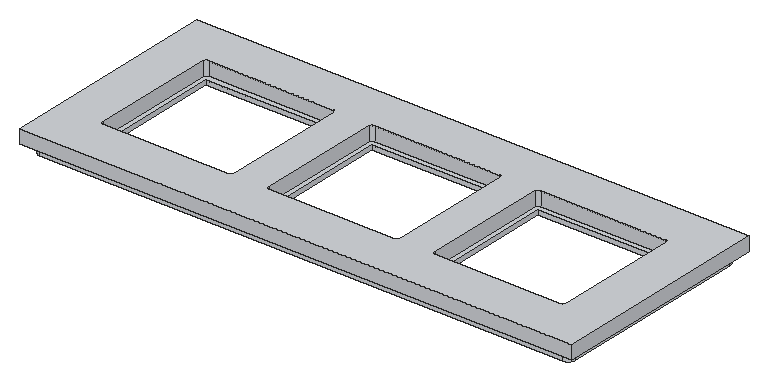
Revit family "Gira_021312", category Electrical Fixtures, host Face, Revit 2017
Family settings
  Host = Face
  Maintain Annotation Orientation = No
  Round Connector Dimension = Use Diameter
  Part Type = Normal
  Cut with Voids When Loaded = No
  Shared = No
  Room Calculation Point = No
Parameters (values of type "Abdeckrahmen 3f Gira Esprit G Weiß")
  Werkstoffgüte = "Echtglas"
  Werkstoff = "Glas"
  URL = "http://katalog.gira.de/de_DE/datenblatt.html?artikelnr=021312"
  Transparent = "No"
  Textfeld/Beschriftungsfläche = "No"
  Schutzart (IP) = "IP20"
  Region = "DE"
  Oberfläche = "sonstige"
  Name = "Abdeckrahmen 3f Gira Esprit G Weiß"
  Montagerichtung = "horizontal und vertikal"
  Mit Montagerahmen = "No"
  Mit Klappdeckel = "No"
  Manufacturer URL = "https://www.gira.de/"
  Keynote = "Espr._Rahmen_3fach"
  HeinzeBIM = "https://bimportal.heinze.de/bim/abdeckrahmen-3f-gira-esprit-g-weiss/92f3a74d291064cfb2ca2165d5a69091c97a4bdd"
  Halogenfrei = "No"
  HAN = "021312"
  Geeignet für Unterputz-Installation = "Yes"
  Geeignet für Unterflurkanaldose = "No"
  Geeignet für Geräteeinbaukanal = "No"
  Geeignet für Einbauinstallation = "No"
  GTIN = "4010337213123"
  Farbe = "weiß"
  Default Elevation = 1219.2 mm
  Data sheet (1) = "https://katalog.gira.de/de_DE/download.html?artikelnr=021312"
  Category = "Abdeckrahmen"
  Befestigungsart = "Klemmbefestigung"
  Available = "Yes"
  Anzahl der Einheiten vertikal = "3 "
  Anzahl der Einheiten horizontal = "3 "
  Anzahl der Einheiten = "3 "
Reference planes
  plane 1 "Center (Front/Back)": y = 0
  plane 2: z = 0
  plane 3 "Center (Left/Right)": x = 0
Forms (mm)
  Extrusion 1, solid, detail levels fine
    sketch origin (0, 0, 0) x (1, 0, 0) y (0, 1, 0)
      loop
        line (-118.4, 47.5) -> (-118.4, -47.5) -> (118.4, -47.5) -> (118.4, 47.5) -> (-118.4, 47.5)
      loop
        arc (-99.5, -26.7) -> (-99.061, -27.761) -> (-98, -28.2) r 1.5
        line (-98, -28.2) -> (-44.6, -28.2)
        arc (-44.6, -28.2) -> (-43.539, -27.761) -> (-43.1, -26.7) r 1.5
        line (-43.1, -26.7) -> (-43.1, 26.7)
        arc (-43.1, 26.7) -> (-43.539, 27.761) -> (-44.6, 28.2) r 1.5
        line (-44.6, 28.2) -> (-98, 28.2)
        arc (-98, 28.2) -> (-99.061, 27.761) -> (-99.5, 26.7) r 1.5
        line (-99.5, 26.7) -> (-99.5, -26.7)
      loop
        arc (-28.2, -26.7) -> (-27.761, -27.761) -> (-26.7, -28.2) r 1.5
        line (-26.7, -28.2) -> (26.7, -28.2)
        arc (26.7, -28.2) -> (27.761, -27.761) -> (28.2, -26.7) r 1.5
        line (28.2, -26.7) -> (28.2, 26.7)
        arc (28.2, 26.7) -> (27.761, 27.761) -> (26.7, 28.2) r 1.5
        line (26.7, 28.2) -> (-26.7, 28.2)
        arc (-26.7, 28.2) -> (-27.761, 27.761) -> (-28.2, 26.7) r 1.5
        line (-28.2, 26.7) -> (-28.2, -26.7)
      loop
        arc (43.1, -26.7) -> (43.539, -27.761) -> (44.6, -28.2) r 1.5
        line (44.6, -28.2) -> (98, -28.2)
        arc (98, -28.2) -> (99.061, -27.761) -> (99.5, -26.7) r 1.5
        line (99.5, -26.7) -> (99.5, 26.7)
        arc (99.5, 26.7) -> (99.061, 27.761) -> (98, 28.2) r 1.5
        line (98, 28.2) -> (44.6, 28.2)
        arc (44.6, 28.2) -> (43.539, 27.761) -> (43.1, 26.7) r 1.5
        line (43.1, 26.7) -> (43.1, -26.7)
    from 0 to 6
  Extrusion 2, solid, detail levels fine
    sketch origin (0, 0, 0) x (1, 0, 0) y (0, 1, 0)
      loop
        line (-97.2, -25.7) -> (-45.4, -25.7) -> (-45.4, 25.7) -> (-97.2, 25.7) -> (-97.2, -25.7)
      loop
        line (97.2, 25.7) -> (45.4, 25.7) -> (45.4, -25.7) -> (97.2, -25.7) -> (97.2, 25.7)
      loop
        arc (-114.002, -41.3) -> (-113.474, -42.573) -> (-112.202, -43.1) r 1.8
        line (-112.202, -43.1) -> (112.202, -43.1)
        arc (112.202, -43.1) -> (113.474, -42.573) -> (114.002, -41.3) r 1.8
        line (114.002, -41.3) -> (114.002, 41.3)
        arc (114.002, 41.3) -> (113.474, 42.573) -> (112.202, 43.1) r 1.8
        line (112.202, 43.1) -> (-112.202, 43.1)
        arc (-112.202, 43.1) -> (-113.474, 42.573) -> (-114.002, 41.3) r 1.8
        line (-114.002, 41.3) -> (-114.002, -41.3)
      loop
        line (25.9, 25.7) -> (-25.9, 25.7) -> (-25.9, -25.7) -> (25.9, -25.7) -> (25.9, 25.7)
    from -1.9 to 0
  Extrusion 3, solid, detail levels fine
    sketch origin (0, 0, 0) x (1, 0, 0) y (0, 1, 0)
      loop
        arc (-112.3, 44.4) -> (-114.421, 43.521) -> (-115.3, 41.4) r 3
        line (-115.3, 41.4) -> (-115.3, -41.4)
        arc (-115.3, -41.4) -> (-114.421, -43.521) -> (-112.3, -44.4) r 3
        line (-112.3, -44.4) -> (112.3, -44.4)
        arc (112.3, -44.4) -> (114.421, -43.521) -> (115.3, -41.4) r 3
        line (115.3, -41.4) -> (115.3, 41.4)
        arc (115.3, 41.4) -> (114.421, 43.521) -> (112.3, 44.4) r 3
        line (112.3, 44.4) -> (-112.3, 44.4)
      loop
        arc (-114.1, -41.4) -> (-113.573, -42.673) -> (-112.3, -43.2) r 1.8
        line (-112.3, -43.2) -> (112.3, -43.2)
        arc (112.3, -43.2) -> (113.573, -42.673) -> (114.1, -41.4) r 1.8
        line (114.1, -41.4) -> (114.1, 41.4)
        arc (114.1, 41.4) -> (113.573, 42.673) -> (112.3, 43.2) r 1.8
        line (112.3, 43.2) -> (-112.3, 43.2)
        arc (-112.3, 43.2) -> (-113.573, 42.673) -> (-114.1, 41.4) r 1.8
        line (-114.1, 41.4) -> (-114.1, -41.4)
    from -3.7 to 0
  Extrusion 4, solid, detail levels medium
    sketch origin (0, 0, 0) x (1, 0, 0) y (0, 1, 0)
      loop
        line (-118.4, 47.5) -> (-118.4, -47.5) -> (118.4, -47.5) -> (118.4, 47.5) -> (-118.4, 47.5)
    from 0 to 6
  Extrusion 5, solid, detail levels medium
    sketch origin (0, 0, 0) x (1, 0, 0) y (0, 1, 0)
      loop
        line (-115.3, 44.4) -> (-115.3, -44.4) -> (115.3, -44.4) -> (115.3, 44.4) -> (-115.3, 44.4)
    from -3.7 to 0
  Extrusion 6, solid, detail levels coarse
    sketch origin (0, 0, 0) x (1, 0, 0) y (0, 1, 0)
      loop
        line (-118.4, 47.5) -> (-118.4, -47.5) -> (118.4, -47.5) -> (118.4, 47.5) -> (-118.4, 47.5)
    from -3.7 to 6
Dimensions and locks
  aligned and locked: plane 2 to host face
  aligned and locked: level to host face
